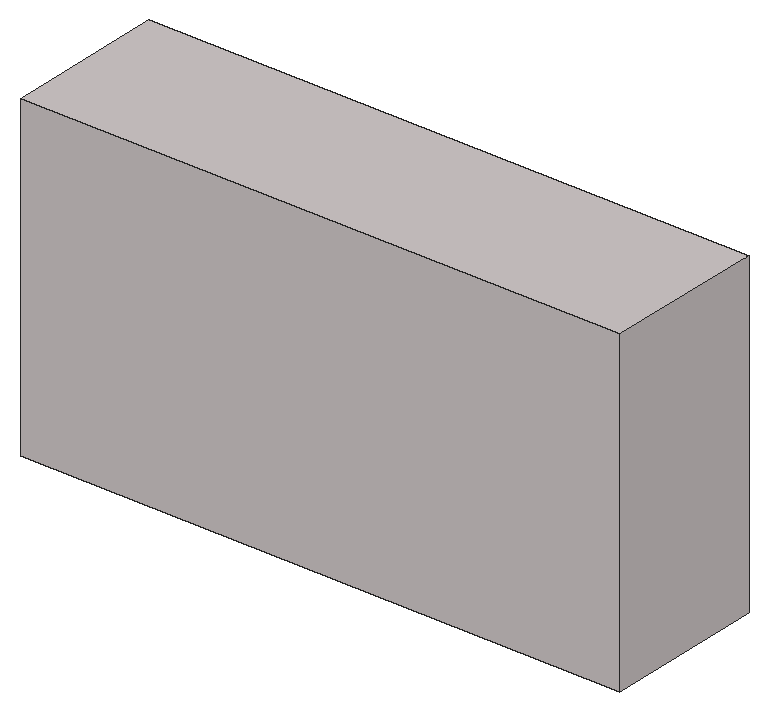
Revit family "M_Viga retangular pré-moldada", category Quadro estrutural, Revit 2019
Family settings
  Exibir em vistas ocultas = Arestas ocultadas por outros membros
  Arredondamento do comprimento do framing estrutural = 0 mm
  Forma do corte = Não definido
  Material para o comportamento do modelo = Concreto pré-moldado
  Exportar sempre como geometria = Não
  Número OmniClass = 23.25.30.11.14.14
  Título OmniClass = Beams
  ID de item do Seek = Precast-Rectangular Beam-0000-CAN-ENU
  Sempre na vertical = Sim
  Corte com vazios quando carregada = Não
  Representação simbólica = Da família
  Compartilhado = Não
  Exibir o pré-corte da família na vista da planta = Sim
Parameters (values of type "300 RB 600")
  Structural Material [instance] = Concreto - Concreto pré-moldado - 35 MPa
  Assembly Code = ""
  Length [instance] = 1524 mm
  b = 300 mm
  h = 600 mm
Types (3, lengths in mm): name | b | h
  (no name) | 300 | 600
  400 RB 800 | 400 | 800
  300 RB 600 | 300 | 600
Reference planes
  plane 1 "Centro (Frente/Trás)": y = 0
  plane 2: z = 0
  plane 3 "Centro (Esquerda/Direita)": x = 4.61
  plane 4 "Membro esquerdo": x = -557.39
  plane 5 "Membro direito": x = 566.61
  plane 6: y = 150
  plane 7: y = -150
  plane 8: z = 300
  plane 9 "Inferior": z = -300
  plane 10 "Esquerda": x = -757.39
  plane 11 "Direita": x = 766.61
Forms (mm)
  Sweep 1, solid, material "Concreto - Concreto pré-moldado - 35 MPa" <- "Structural Material"
    path origin (0, 0, 0) x (1, 0, 0) y (0, 1, 0)
      loop
        line (566.61, 0) -> (-557.39, 0)
    profile "M_Viga retangular-Perfil : M_Viga retangular-Perfil" origin (4.61, 0, 0) x (0, -1, 0) y (0, 0, 1)
      loop
        line (-150, -300) -> (150, -300) -> (150, 300) -> (-150, 300) -> (-150, -300)
Dimensions and locks
  "b": plane 6 to plane 7
  equal spacing: plane 9 "Inferior", plane 2, plane 8
  equal spacing: plane 6, plane 1 "Centro (Frente/Trás)", plane 7
  "h": plane 9 "Inferior" to plane 8
  "Length": plane 10 "Esquerda" to plane 11 "Direita"
  aligned and locked: Sweep 1 sketch curve to plane 1 "Centro (Frente/Trás)"
  aligned and locked: plane 4 "Membro esquerdo" to Sweep 1 sketch curve
  aligned and locked: plane 5 "Membro direito" to Sweep 1 sketch curve
